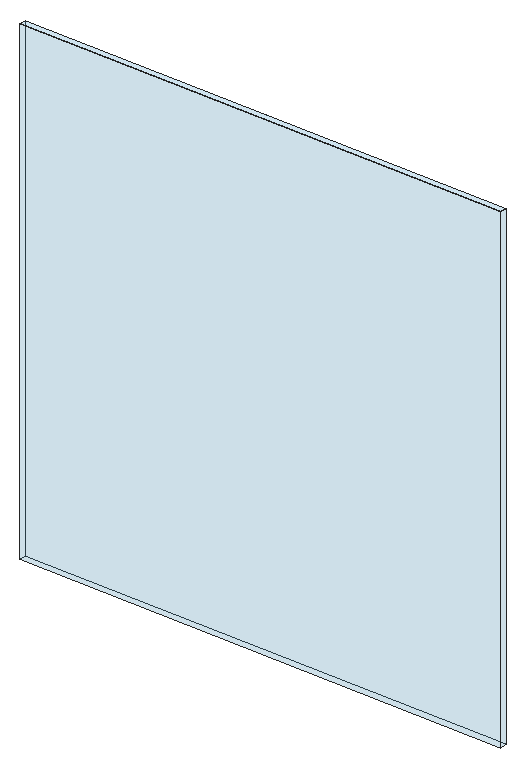
Revit family
Parameters (values of type "72" x 72"")
  Sealant = 0' - 0 3/8"
  Pocket Depth [instance] = 0' - 0 1/2"
  Head Height = Sill Height + Rough Height - Sealant  # 8' - 11 5/8"
  Depth [instance] = 0' - 5 1/2"
  Sill Height = 3' - 0"
  Rough Width = 6' - 0"
  Rough Height = 6' - 0"
  Model = "OPG3005"
  Material = ""
  Manufacturer = "Arcadia"
  Sightline = 0' - 3 3/8"
  Height = Rough Height - Sealant - Sealant  # 5' - 11 1/4"
  Wall Closure = (empty or 0)
  Width = Rough Width - Sealant - Sealant  # 5' - 11 1/4"
  Glass Thickness [instance] = 0' - 1"
  Offset to Inside Face of Glass [instance] = 0' - 3 13/16"
  Construction Type = "Aluminum"
  Center of Rough Opening [instance] = Rough Width / 2  # 3' - 0"
  Center of Glass [instance] = Glass Thickness / 2  # 0' - 0 1/2"
  Center Wall to Outside Face [instance] = 0' - 2 7/8"
  Assembly Code = ""
Reference planes (in)
  plane 1 "Center (Front/Back)": y = 0
  plane 2: z = 0
  plane 3 "Center (Left/Right)": x = 12
  plane 4 "Rough Opening Bottom": z = 36
  plane 5 "Rough Opening Top": z = 108
  plane 6 "Exterior Face": y = -2.25
  plane 7 "Frame Top": z = 104.625
  plane 8 "Frame Bottom": z = 39.375
  plane 9 "Rough Opening Left": x = -24
  plane 10 "Rough Opening Right": x = 48
  plane 11 "Frame Left": x = -20.625
  plane 12 "Frame Right": x = 44.625
  plane 13 "Exterior Glass Edge": y = -3.76356
  plane 14 "Interior Glass Edge": y = -4.76356
  plane 15 "Glass Centerline": y = -4.26356
  plane 16 "Frame Outside": y = -3.07606
  plane 17 "Frame Inside": y = -8.57606
  plane 18: z = 105.125
  plane 19: z = 38.875
  plane 20: x = 45.125
  plane 21: x = -21.125
  plane 22: x = 47.625
  plane 23: x = -23.625
  plane 24: z = 107.625
  plane 25: z = 36.375
Forms (in)
  Extrusion 1, solid, material "Anodize Arcadia AC2 Clear #11", detail levels coarse
    sketch origin (0, 0, 36) x (0, -1, 0) y (1, 0, 0)
      loop
        line (3.07606, -24) -> (8.57606, -24) -> (8.57606, -20.625) -> (4.76356, -20.625) -> (4.76356, -21.125) -> (3.76356, -21.125) -> (3.76356, -20.625) -> (3.07606, -20.625) -> (3.07606, -24)
    from 0 to 72 <- "Rough Height"
  Extrusion 2, solid, material "Anodize Arcadia AC2 Clear #11", detail levels coarse
    sketch origin (0, 0, 36) x (0, -1, 0) y (1, 0, 0)
      loop
        line (3.07606, 44.625) -> (3.76356, 44.625) -> (3.76356, 45.125) -> (4.76356, 45.125) -> (4.76356, 44.625) -> (8.57606, 44.625) -> (8.57606, 48) -> (3.07606, 48) -> (3.07606, 44.625)
    from 0 to 72 <- "Rough Height"
  Extrusion 3, solid, material "Glass"
    sketch origin (-0.5, 0, 36) x (0, -1, 0) y (1, 0, 0)
      loop
        line (3.76356, -20.625) -> (4.76356, -20.625) -> (4.76356, 45.625) -> (3.76356, 45.625) -> (3.76356, -20.625)
    from 2.875 to 69.125
  Extrusion 4, solid, material "Anodize Arcadia AC2 Clear #11", detail levels coarse
    sketch origin (-24, 0, 0) x (0, 1, 0) y (0, 0, 1)
      loop
        line (-8.57606, 108) -> (-8.57606, 104.625) -> (-4.76356, 104.625) -> (-4.76356, 105.125) -> (-3.76356, 105.125) -> (-3.76356, 104.625) -> (-3.07606, 104.625) -> (-3.07606, 108) -> (-8.57606, 108)
    from 0 to 72 <- "Rough Width"
  Extrusion 5, solid, material "Anodize Arcadia AC2 Clear #11", detail levels coarse
    sketch origin (-24, 0, 0) x (0, 1, 0) y (0, 0, 1)
      loop
        line (-3.07606, 39.375) -> (-3.76356, 39.375) -> (-3.76356, 38.875) -> (-4.76356, 38.875) -> (-4.76356, 39.375) -> (-8.57606, 39.375) -> (-8.57606, 36) -> (-3.07606, 36) -> (-3.07606, 39.375)
    from 0 to 72 <- "Rough Width"
  Extrusion 6, void
    sketch origin (0, 0, 36) x (0, -1, 0) y (1, 0, 0)
      loop
        line (2.25, -24) -> (10.25, -24) -> (10.25, 48) -> (2.25, 48) -> (2.25, -24)
    from 0 to 72 <- "Rough Height"
Lines and regions (in)
  symbolic lines, detail levels coarse
    curve 1: line (-24, -3.07606, 0) -> (-20.625, -3.07606, 0)
    curve 2: line (-20.625, -3.07606, 0) -> (-20.625, -3.76356, 0)
    curve 3: line (45.125, -3.76356, 0) -> (-21.125, -3.76356, 0)
    curve 4: line (-21.125, -3.76356, 0) -> (-21.125, -4.76356, 0)
    curve 5: line (-21.125, -4.76356, 0) -> (45.125, -4.76356, 0)
    curve 6: line (-20.625, -4.76356, 0) -> (-20.625, -8.57606, 0)
    curve 7: line (-20.625, -8.57606, 0) -> (-24, -8.57606, 0)
    curve 8: line (-24, -8.57606, 0) -> (-24, -3.07606, 0)
    curve 9: line (48, -3.07606, 0) -> (44.625, -3.07606, 0)
    curve 10: line (44.625, -3.07606, 0) -> (44.625, -3.76356, 0)
    curve 11: line (45.125, -3.76356, 0) -> (45.125, -4.76356, 0)
    curve 12: line (44.625, -4.76356, 0) -> (44.625, -8.57606, 0)
    curve 13: line (44.625, -8.57606, 0) -> (48, -8.57606, 0)
    curve 14: line (48, -8.57606, 0) -> (48, -3.07606, 0)
Text (in)
  text "EXTERIOR" at (-58.6888, 50.90694, 0), in view "Ref. Level"
  text "INTERIOR" at (-58.6888, -37.76638, 0), in view "Ref. Level"
  text "Exterior" at (0, 43.65631, 123.19604), in view "Left"
  text "Exterior" at (0, 18.29385, 125.04747), in view "Right"
Dimensions and locks (in)
  "Rough Height": plane 4 "Rough Opening Bottom" to plane 5 "Rough Opening Top"
  "Sill Height": plane 2 to plane 4 "Rough Opening Bottom"
  "Sightline": plane 7 "Frame Top" to plane 5 "Rough Opening Top"
  "Sightline": plane 4 "Rough Opening Bottom" to plane 8 "Frame Bottom"
  "Rough Width": plane 9 "Rough Opening Left" to plane 10 "Rough Opening Right"
  "Sightline": plane 9 "Rough Opening Left" to plane 11 "Frame Left"
  "Sightline": plane 12 "Frame Right" to plane 10 "Rough Opening Right"
  "Depth": plane 17 "Frame Inside" to plane 16 "Frame Outside"
  "Glass Thickness": plane 13 "Exterior Glass Edge" to plane 14 "Interior Glass Edge"
  "Center of Glass": plane 15 "Glass Centerline" to plane 14 "Interior Glass Edge"
  "Center of Rough Opening": plane 9 "Rough Opening Left" to plane 3 "Center (Left/Right)"
  "Offset to Inside Face of Glass": plane 17 "Frame Inside" to plane 14 "Interior Glass Edge"
  "Pocket Depth": plane 12 "Frame Right" to plane 20
  "Pocket Depth": plane 21 to plane 11 "Frame Left"
  "Pocket Depth": plane 7 "Frame Top" to plane 18
  "Pocket Depth": plane 19 to plane 8 "Frame Bottom"
  "Sealant": plane 22 to plane 10 "Rough Opening Right"
  "Sealant": plane 9 "Rough Opening Left" to plane 23
  "Sealant": plane 24 to plane 5 "Rough Opening Top"
  "Sealant": plane 4 "Rough Opening Bottom" to plane 25
  aligned and locked: plane 6 "Exterior Face" to host wall
  aligned and locked: Extrusion 1 sketch curve to plane 17 "Frame Inside"
  aligned and locked: plane 16 "Frame Outside" to Extrusion 1 sketch curve
  aligned and locked: Extrusion 1 sketch curve to plane 11 "Frame Left"
  aligned and locked: plane 9 "Rough Opening Left" to Extrusion 1 sketch curve
  aligned and locked: plane 12 "Frame Right" to Extrusion 2 sketch curve
  aligned and locked: Extrusion 2 sketch curve to plane 10 "Rough Opening Right"
  aligned and locked: Extrusion 2 sketch curve to plane 17 "Frame Inside"
  aligned and locked: plane 16 "Frame Outside" to Extrusion 2 sketch curve
  aligned and locked: Extrusion 3 sketch curve to plane 13 "Exterior Glass Edge"
  aligned and locked: plane 14 "Interior Glass Edge" to Extrusion 3 sketch curve
  aligned and locked: plane 5 "Rough Opening Top" to Extrusion 4 sketch curve
  aligned and locked: Extrusion 4 sketch curve to plane 7 "Frame Top"
  aligned and locked: Extrusion 4 sketch curve to plane 17 "Frame Inside"
  aligned and locked: plane 16 "Frame Outside" to Extrusion 4 sketch curve
  aligned and locked: Extrusion 5 sketch curve to plane 4 "Rough Opening Bottom"
  aligned and locked: plane 8 "Frame Bottom" to Extrusion 5 sketch curve
  aligned and locked: Extrusion 5 sketch curve to plane 17 "Frame Inside"
  aligned and locked: plane 16 "Frame Outside" to Extrusion 5 sketch curve
  aligned and locked: plane 4 "Rough Opening Bottom" to nested 3
  aligned and locked: nested 2 to plane 5 "Rough Opening Top"
  aligned and locked: plane 19 to Extrusion 3
  aligned and locked: Extrusion 3 to plane 18
  aligned and locked: plane 17 "Frame Inside" to nested 3
  aligned and locked: nested 1 to plane 16 "Frame Outside"
  aligned and locked: plane 10 "Rough Opening Right" to nested 1
  aligned and locked: nested 4 to plane 9 "Rough Opening Left"
  aligned and locked: plane 17 "Frame Inside" to nested 4
  aligned and locked: plane 13 "Exterior Glass Edge" to Extrusion 5 sketch curve
  aligned and locked: Extrusion 5 sketch curve to plane 14 "Interior Glass Edge"
  aligned and locked: plane 19 to Extrusion 5 sketch curve
  aligned and locked: Extrusion 4 sketch curve to plane 13 "Exterior Glass Edge"
  aligned and locked: plane 18 to Extrusion 4 sketch curve
  aligned and locked: plane 14 "Interior Glass Edge" to Extrusion 4 sketch curve
  aligned and locked: plane 14 "Interior Glass Edge" to Extrusion 2 sketch curve
  aligned and locked: Extrusion 2 sketch curve to plane 20
  aligned and locked: Extrusion 2 sketch curve to plane 13 "Exterior Glass Edge"
  aligned and locked: Extrusion 1 sketch curve to plane 14 "Interior Glass Edge"
  aligned and locked: Extrusion 1 sketch curve to plane 21
  aligned and locked: plane 13 "Exterior Glass Edge" to Extrusion 1 sketch curve
  aligned and locked: plane 16 "Frame Outside" to curve 1
  aligned and locked: plane 9 "Rough Opening Left" to curve 8
  aligned and locked: curve 2 to plane 11 "Frame Left"
  aligned and locked: curve 6 to plane 11 "Frame Left"
  aligned and locked: curve 4 to plane 21
  aligned and locked: curve 7 to plane 17 "Frame Inside"
  aligned and locked: curve 5 to plane 14 "Interior Glass Edge"
  aligned and locked: plane 13 "Exterior Glass Edge" to curve 3
  aligned and locked: curve 10 to plane 12 "Frame Right"
  aligned and locked: curve 12 to plane 12 "Frame Right"
  aligned and locked: curve 11 to plane 20
  aligned and locked: plane 10 "Rough Opening Right" to curve 14
  aligned and locked: curve 9 to plane 16 "Frame Outside"
  aligned and locked: plane 17 "Frame Inside" to curve 13
  aligned and locked: nested 2 to plane 16 "Frame Outside"
  aligned and locked: import instance to plane 9 "Rough Opening Left"
  aligned and locked: import instance to plane 16 "Frame Outside"  (x2)
  aligned and locked: import instance to plane 10 "Rough Opening Right"
  aligned and locked: plane 16 "Frame Outside" to import instance
  aligned and locked: plane 17 "Frame Inside" to import instance
  aligned and locked: plane 5 "Rough Opening Top" to import instance
  aligned and locked: import instance to plane 4 "Rough Opening Bottom"
  aligned and locked: level to plane 2
  aligned and locked: plane 9 "Rough Opening Left" to Extrusion 6 sketch curve
  aligned and locked: plane 6 "Exterior Face" to Extrusion 6 sketch curve
  aligned and locked: host wall to Extrusion 6 sketch curve
  aligned and locked: plane 10 "Rough Opening Right" to Extrusion 6 sketch curve
Automatic sketch dimensions
  Extrusion 3 sketch curve to plane 21 = 0' - 0"
  Extrusion 3 sketch curve to plane 20 = 0' - 0"
  Extrusion 5 sketch curve to plane 8 "Frame Bottom" = 0' - 0"
  Extrusion 4 sketch curve to plane 7 "Frame Top" = 0' - 0"
  Extrusion 2 sketch curve to plane 12 "Frame Right" = 0' - 0"
  Extrusion 1 sketch curve to plane 11 "Frame Left" = 0' - 0"
Nested families (in)
  nested 1: "Window-Arcadia-OPG3005-Med-Jamb-R" at (46.9375, -4.26356, 0) x (-1, 0, 0) z (0, 0, 1), type "Window-Arcadia-OPG3005-Med-Jamb-R", detail levels medium
    with Sightline 0' - 3 3/8", Pocket Depth 0' - 0 1/2", Offset to Inside Face of Glass 0' - 3 13/16", Glass Width 0' - 1", Frame Wall Thickness 0' - 0 3/32", Depth 0' - 5 1/2", Center of Glass 0' - 0 1/2"
  nested 2: "Window-Arcadia-OPG3005-Med-Head" at (33.875, -4.26356, 108) x (0, -1, 0) z (1, 0, 0), type "Window-Arcadia-OPG3005-Med-Head", detail levels medium
    with Sightline 0' - 3 3/8", Pocket Depth 0' - 0 1/2", Offset to Inside Face of Glass 0' - 3 13/16", Glass Width 0' - 1", Frame Wall Thickness 0' - 0 3/32", Depth 0' - 5 1/2", Center of Glass 0' - 0 1/2"
  nested 3: "Window-Arcadia-OPG3005-Med-Sill" at (33.875, -4.26356, 36) x (0, -1, 0) z (1, 0, 0), type "Window-Arcadia-OPG3005-Med-Sill", detail levels medium
    with Sightline 0' - 3 3/8", Pocket Depth 0' - 0 1/2", Offset to Inside Face of Glass 0' - 3 13/16", Glass Width 0' - 1", Frame Wall Thickness 0' - 0 3/32", Depth 0' - 5 1/2", Center of Glass 0' - 0 1/2"
  nested 4: "Window-Arcadia-OPG3005-Med-Jamb-L" at (-22.9375, -4.26356, 0) x (-1, 0, 0) z (0, 0, 1), type "Window-Arcadia-OPG3005-Med-Jamb-L", detail levels medium
    with Sightline 0' - 3 3/8", Pocket Depth 0' - 0 1/2", Offset to Inside Face of Glass 0' - 3 13/16", Glass Width 0' - 1", Frame Wall Thickness 0' - 0 3/32", Depth 0' - 5 1/2", Center of Glass 0' - 0 1/2"
Definition of nested family "Window-Arcadia-OPG3005-Med-Jamb-R"
  Parameters (values of type "Window-Arcadia-TC670-Med-Jamb-R")
    Depth [instance] = 0' - 6"
    Pocket Depth [instance] = 0' - 0 3/4"
    Offset to Inside Face of Glass [instance] = 0' - 4"
    Glass Width [instance] = 0' - 1"
    Sightline [instance] = 0' - 2 5/8"
    Center of Glass [instance] = Glass Width / 2  # 0' - 0 1/2"
    Frame Wall Thickness [instance] = 0' - 0 3/32"
    Assembly Code = ""
  Reference planes (in)
    plane 1 "Center (Front/Back)": y = 0
    plane 2: z = 0
    plane 3: x = 1.5625
    plane 4 "back": x = -1.0625
    plane 5: y = 4.5
    plane 6: y = -1.5
    plane 7 "Inside Face of Glass": y = 0.5
    plane 8: y = -0.5
    plane 9: x = 0.8125
  Lines and regions (in)
    detail lines, in view "Ref. Level", detail levels medium
      curve 1: line (-1.0625, 4.5, 0) -> (-1.0625, -1.5, 0)
      curve 2: line (-1.0625, -1.5, 0) -> (1.5625, -1.5, 0)
      curve 3: line (1.5625, -1.5, 0) -> (1.5625, -0.5, 0)
      curve 4: line (1.5625, -0.5, 0) -> (0.8125, -0.5, 0)
      curve 5: line (0.8125, -0.5, 0) -> (0.8125, 0.5, 0)
      curve 6: line (0.8125, 0.5, 0) -> (1.5625, 0.5, 0)
      curve 7: line (1.5625, 0.5, 0) -> (1.5625, 4.5, 0)
      curve 8: line (1.5625, 4.5, 0) -> (-1.0625, 4.5, 0)
      curve 9: line (1.46875, 4.40625, 0) -> (-0.96875, 4.40625, 0)
      curve 10: line (-0.96875, 4.40625, 0) -> (-0.96875, -1.40625, 0)
      curve 11: line (-0.96875, -1.40625, 0) -> (1.46875, -1.40625, 0)
      curve 12: line (1.46875, -1.40625, 0) -> (1.46875, -0.59375, 0)
      curve 13: line (1.46875, -0.59375, 0) -> (0.71875, -0.59375, 0)
      curve 14: line (0.71875, -0.59375, 0) -> (0.71875, 0.59375, 0)
      curve 15: line (0.71875, 0.59375, 0) -> (1.46875, 0.59375, 0)
      curve 16: line (1.46875, 0.59375, 0) -> (1.46875, 4.40625, 0)
      curve 17: line (1.5625, 4.5, 0) -> (-1.0625, 4.5, 0)
      curve 18: line (-1.0625, 4.40625, 0) -> (-1.0625, -1.5, 0)
  Dimensions and locks (in)
    "Sightline": plane 4 "back" to plane 3
    "Depth": plane 5 to plane 6
    "Center of Glass": plane 1 "Center (Front/Back)" to plane 7 "Inside Face of Glass"
    "Glass Width": plane 8 to plane 7 "Inside Face of Glass"
    "Pocket Depth": plane 9 to plane 3
    "Offset to Inside Face of Glass": plane 5 to plane 7 "Inside Face of Glass"
    "Frame Wall Thickness": plane 5 to curve 9
    "Frame Wall Thickness": plane 4 "back" to curve 10
    "Frame Wall Thickness": curve 11 to plane 6
    "Frame Wall Thickness": curve 12 to plane 3
    "Frame Wall Thickness": curve 13 to plane 8
    "Frame Wall Thickness": plane 7 "Inside Face of Glass" to curve 15
    "Frame Wall Thickness": curve 14 to plane 9
    "Frame Wall Thickness": curve 16 to plane 3
    aligned and locked: plane 5 to curve 8
    aligned and locked: curve 1 to plane 4 "back"
    aligned and locked: curve 2 to plane 6
    aligned and locked: plane 3 to curve 3
    aligned and locked: curve 4 to plane 8
    aligned and locked: plane 9 to curve 5
    aligned and locked: plane 7 "Inside Face of Glass" to curve 6
    aligned and locked: plane 3 to curve 7
  Automatic sketch dimensions
    curve 18 to curve 9 = 0' - 0"
Definition of nested family "Window-Arcadia-OPG3005-Med-Head"
  Parameters (values of type "Window-Arcadia-A400-Med-Head")
    Depth [instance] = 0' - 6"
    Pocket Depth [instance] = 0' - 0 1/2"
    Offset to Inside Face of Glass [instance] = 0' - 4"
    Glass Width [instance] = 0' - 1"
    Sightline [instance] = 0' - 2 5/8"
    Center of Glass [instance] = Glass Width / 2  # 0' - 0 1/2"
    Frame Wall Thickness [instance] = 0' - 0 3/32"
    Assembly Code = ""
  Reference planes (in)
    plane 1 "Center (Front/Back)": y = 0
    plane 2: z = 0
    plane 3 "Center (Left/Right)": x = 0
    plane 4: x = -0.5
    plane 5 "Inside Face of Glass": x = 0.5
    plane 6: y = -2.625
    plane 7: x = 4.5
    plane 8: x = -1.5
    plane 9: y = -2.125
  Lines and regions (in)
    detail lines, in view "Ref. Level", detail levels medium
      curve 1: line (-1.5, 0, 0) -> (-1.5, -2.625, 0)
      curve 2: line (-1.5, -2.625, 0) -> (-0.5, -2.625, 0)
      curve 3: line (-0.5, -2.625, 0) -> (-0.5, -2.125, 0)
      curve 4: line (-0.5, -2.125, 0) -> (0.5, -2.125, 0)
      curve 5: line (0.5, -2.125, 0) -> (0.5, -2.625, 0)
      curve 6: line (0.5, -2.625, 0) -> (4.5, -2.625, 0)
      curve 7: line (4.5, -2.625, 0) -> (4.5, 0, 0)
      curve 8: line (4.5, 0, 0) -> (-1.5, 0, 0)
      curve 9: line (-1.40625, -0.09375, 0) -> (-1.40625, -2.53125, 0)
      curve 10: line (4.40625, -0.09375, 0) -> (-1.40625, -0.09375, 0)
      curve 11: line (4.40625, -2.53125, 0) -> (4.40625, -0.09375, 0)
      curve 12: line (0.59375, -2.53125, 0) -> (4.40625, -2.53125, 0)
      curve 13: line (-1.40625, -2.53125, 0) -> (-0.59375, -2.53125, 0)
      curve 14: line (-0.59375, -2.53125, 0) -> (-0.59375, -2.03125, 0)
      curve 15: line (-0.59375, -2.03125, 0) -> (0.59375, -2.03125, 0)
      curve 16: line (0.59375, -2.03125, 0) -> (0.59375, -2.53125, 0)
  Dimensions and locks (in)
    "Sightline": plane 6 to plane 1 "Center (Front/Back)"
    "Depth": plane 8 to plane 7
    "Pocket Depth": plane 6 to plane 9
    "Offset to Inside Face of Glass": plane 5 "Inside Face of Glass" to plane 7
    "Glass Width": plane 4 to plane 5 "Inside Face of Glass"
    "Center of Glass": plane 3 "Center (Left/Right)" to plane 5 "Inside Face of Glass"
    "Frame Wall Thickness": plane 8 to curve 9
    "Frame Wall Thickness": curve 10 to plane 1 "Center (Front/Back)"
    "Frame Wall Thickness": curve 11 to plane 7
    "Frame Wall Thickness": plane 6 to curve 12
    "Frame Wall Thickness": plane 6 to curve 13
    "Frame Wall Thickness": plane 9 to curve 15
    "Frame Wall Thickness": plane 5 "Inside Face of Glass" to curve 16
    "Frame Wall Thickness": curve 14 to plane 4
    aligned and locked: curve 8 to plane 1 "Center (Front/Back)"
    aligned and locked: plane 7 to curve 7
    aligned and locked: curve 1 to plane 8
    aligned and locked: plane 9 to curve 4
    aligned and locked: plane 4 to curve 3
    aligned and locked: plane 6 to curve 2
    aligned and locked: plane 6 to curve 6
  Automatic sketch dimensions
    curve 5 to plane 5 "Inside Face of Glass" = 0' - 0"
Definition of nested family "Window-Arcadia-OPG3005-Med-Sill"
  Parameters (values of type "Window-Arcadia-A400-Med-Sill")
    Depth [instance] = 0' - 6"
    Pocket Depth [instance] = 0' - 0 1/2"
    Offset to Inside Face of Glass [instance] = 0' - 4"
    Glass Width [instance] = 0' - 1"
    Sightline [instance] = 0' - 2 5/8"
    Center of Glass [instance] = Glass Width / 2  # 0' - 0 1/2"
    Frame Wall Thickness [instance] = 0' - 0 3/32"
    Assembly Code = ""
  Reference planes (in)
    plane 1 "Center (Front/Back)": y = 0
    plane 2: z = 0
    plane 3 "Center (Left/Right)": x = 0
    plane 4: x = -0.5
    plane 5 "Inside Face of Glass": x = 0.5
    plane 6: y = 2.625
    plane 7: x = 4.5
    plane 8: x = -1.5
    plane 9: y = 2.125
  Lines and regions (in)
    detail lines, in view "Ref. Level", detail levels medium
      curve 1: line (-1.5, 2.625, 0) -> (-1.5, 0, 0)
      curve 2: line (-1.5, 0, 0) -> (4.5, 0, 0)
      curve 3: line (4.5, 0, 0) -> (4.5, 2.625, 0)
      curve 4: line (4.5, 2.625, 0) -> (0.5, 2.625, 0)
      curve 5: line (0.5, 2.625, 0) -> (0.5, 2.125, 0)
      curve 6: line (0.5, 2.125, 0) -> (-0.5, 2.125, 0)
      curve 7: line (-0.5, 2.125, 0) -> (-0.5, 2.625, 0)
      curve 8: line (-0.5, 2.625, 0) -> (-1.5, 2.625, 0)
      curve 9: line (-0.59375, 2.53125, 0) -> (-1.40625, 2.53125, 0)
      curve 10: line (-1.40625, 2.53125, 0) -> (-1.40625, 0.09375, 0)
      curve 11: line (-1.40625, 0.09375, 0) -> (4.40625, 0.09375, 0)
      curve 12: line (4.40625, 0.09375, 0) -> (4.40625, 2.53125, 0)
      curve 13: line (4.40625, 2.53125, 0) -> (0.59375, 2.53125, 0)
      curve 14: line (0.59375, 2.53125, 0) -> (0.59375, 2.03125, 0)
      curve 15: line (0.59375, 2.03125, 0) -> (-0.59375, 2.03125, 0)
      curve 16: line (-0.59375, 2.03125, 0) -> (-0.59375, 2.53125, 0)
  Dimensions and locks (in)
    "Pocket Depth": plane 9 to plane 6
    "Sightline": plane 1 "Center (Front/Back)" to plane 6
    "Depth": plane 8 to plane 7
    "Offset to Inside Face of Glass": plane 5 "Inside Face of Glass" to plane 7
    "Glass Width": plane 4 to plane 5 "Inside Face of Glass"
    "Center of Glass": plane 3 "Center (Left/Right)" to plane 5 "Inside Face of Glass"
    "Frame Wall Thickness": curve 9 to plane 6
    "Frame Wall Thickness": plane 8 to curve 10
    "Frame Wall Thickness": plane 1 "Center (Front/Back)" to curve 11
    "Frame Wall Thickness": curve 12 to plane 7
    "Frame Wall Thickness": curve 13 to plane 6
    "Frame Wall Thickness": plane 5 "Inside Face of Glass" to curve 14
    "Frame Wall Thickness": curve 15 to plane 9
    "Frame Wall Thickness": curve 16 to plane 4
    aligned and locked: plane 1 "Center (Front/Back)" to curve 2
    aligned and locked: plane 7 to curve 3
    aligned and locked: curve 1 to plane 8
    aligned and locked: curve 8 to plane 6
    aligned and locked: curve 4 to plane 6
    aligned and locked: curve 6 to plane 9
    aligned and locked: curve 5 to plane 5 "Inside Face of Glass"
    aligned and locked: plane 4 to curve 7
  Automatic sketch dimensions
    curve 7 to plane 9 = 0' - 0"
Definition of nested family "Window-Arcadia-OPG3005-Med-Jamb-L"
  Parameters (values of type "Window-Arcadia-TC670-Med-Jamb-L")
    Depth [instance] = 0' - 6"
    Pocket Depth [instance] = 0' - 0 1/2"
    Offset to Inside Face of Glass [instance] = 0' - 4"
    Glass Width [instance] = 0' - 1"
    Sightline [instance] = 0' - 2 1/8"
    Center of Glass [instance] = Glass Width / 2  # 0' - 0 1/2"
    Frame Wall Thickness [instance] = 0' - 0 3/32"
    Assembly Code = ""
  Reference planes (in)
    plane 1 "Center (Front/Back)": y = 0
    plane 2: z = 0
    plane 3 "BACK": x = 1.0625
    plane 4 "FRONT": x = -1.0625
    plane 5: y = 1.5
    plane 6: y = -4.5
    plane 7 "Inside Face of Glass": y = 0.5
    plane 8: y = -0.5
    plane 9: x = -0.5625
  Lines and regions (in)
    detail lines, in view "Ref. Level", detail levels medium
      curve 1: line (1.0625, 1.5, 0) -> (1.0625, -4.5, 0)
      curve 2: line (1.0625, -4.5, 0) -> (-1.0625, -4.5, 0)
      curve 3: line (-1.0625, -4.5, 0) -> (-1.0625, -0.5, 0)
      curve 4: line (-1.0625, -0.5, 0) -> (-0.5625, -0.5, 0)
      curve 5: line (-0.5625, -0.5, 0) -> (-0.5625, 0.5, 0)
      curve 6: line (-0.5625, 0.5, 0) -> (-1.0625, 0.5, 0)
      curve 7: line (-1.0625, 0.5, 0) -> (-1.0625, 1.5, 0)
      curve 8: line (-1.0625, 1.5, 0) -> (1.0625, 1.5, 0)
      curve 9: line (-0.96875, 1.40625, 0) -> (0.96875, 1.40625, 0)
      curve 10: line (-0.96875, 0.59375, 0) -> (-0.96875, 1.40625, 0)
      curve 11: line (-0.46875, 0.59375, 0) -> (-0.96875, 0.59375, 0)
      curve 12: line (-0.46875, -0.59375, 0) -> (-0.46875, 0.59375, 0)
      curve 13: line (-0.96875, -0.59375, 0) -> (-0.46875, -0.59375, 0)
      curve 14: line (-0.96875, -4.40625, 0) -> (-0.96875, -0.59375, 0)
      curve 15: line (0.96875, -4.40625, 0) -> (-0.96875, -4.40625, 0)
      curve 16: line (0.96875, 1.40625, 0) -> (0.96875, -4.40625, 0)
  Dimensions and locks (in)
    "Depth": plane 5 to plane 6
    "Pocket Depth": plane 4 "FRONT" to plane 9
    "Sightline": plane 4 "FRONT" to plane 3 "BACK"
    "Glass Width": plane 8 to plane 7 "Inside Face of Glass"
    "Center of Glass": plane 1 "Center (Front/Back)" to plane 7 "Inside Face of Glass"
    "Frame Wall Thickness": plane 4 "FRONT" to curve 10
    "Frame Wall Thickness": plane 5 to curve 9
    "Frame Wall Thickness": curve 15 to plane 6
    "Frame Wall Thickness": curve 13 to plane 8
    "Frame Wall Thickness": plane 9 to curve 12
    "Frame Wall Thickness": plane 7 "Inside Face of Glass" to curve 11
    "Frame Wall Thickness": plane 4 "FRONT" to curve 14
    "Offset to Inside Face of Glass": plane 6 to plane 8
    aligned and locked: curve 8 to plane 5
    aligned and locked: curve 1 to plane 3 "BACK"
    aligned and locked: plane 6 to curve 2
    aligned and locked: curve 3 to plane 4 "FRONT"
    aligned and locked: plane 8 to curve 4
    aligned and locked: plane 9 to curve 5
    aligned and locked: curve 6 to plane 7 "Inside Face of Glass"
    aligned and locked: plane 4 "FRONT" to curve 7
  Automatic sketch dimensions
    curve 16 to plane 3 "BACK" = 0' - 0 3/32"
